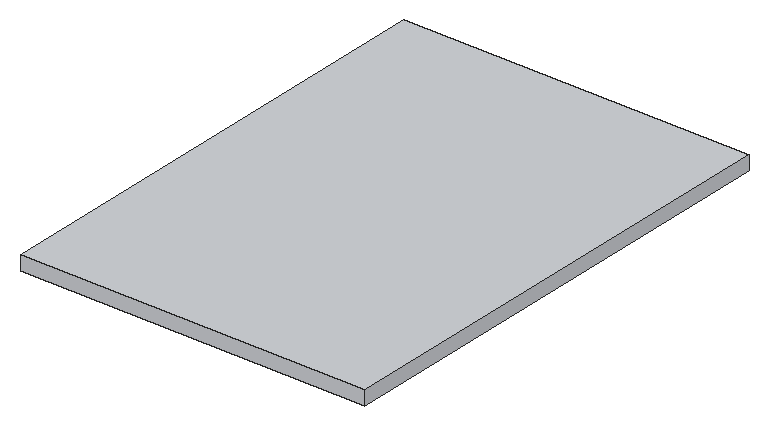
Revit family "MLR3-M1", category Lighting Fixtures, host Face, Revit 2019
Family settings
  Host = Face
  Round Connector Dimension = Use Diameter
  Part Type = Normal
  OmniClass Number = 23.80.70.11
  OmniClass Title = Luminaries for Internal Lighting
  Cut with Voids When Loaded = No
  Light Source = Yes
  Shared = No
  Room Calculation Point = No
Parameters
  Final Hanging Points [instance] = if(Fixture Length > 12' 0", 3, No of Hanging Points)  # 2
  No of Hanging Points = 2
  Emit from Rectangle Width = 2' - 0"
  Emit from Rectangle Length = 4' - 0"
  Emit Shape Visible in Rendering = no
  Default Elevation [instance] = 4' - 0"
  Cable Suspension = 0' - 0"
  Wattage Comments = ""
  Wattage = 7.40531 W
  built-in parameter 1150110 = 1 (stored number, unit not read)
  Voltage Comment = "120/277 UNV Volt"
  Voltage [instance] = 120 V
  URL = "https://mercltg.com/product/mlr3-m/"
  built-in parameter 1114217 = 1 (stored number, unit not read)
  Tilt Angle = 90.00°
  built-in parameter 1150109 = 1 (stored number, unit not read)
  built-in parameter 1150134 = (empty or 0)
  built-in parameter 1150113 = 1 (stored number, unit not read)
  No of Poles [instance] = 1
  Model = "MLR3-M1"
  Manufacturer = "Mercury Lighting"
  Load Classifcation = Lighting
  Load [instance] = 0 W
  Photometric Web File = "mer12182822.28-MLR3-M-48-770-35K-ASO-A401-U.ies"
  Lumens = 1100 lm
  built-in parameter 1150115 = 1 (stored number, unit not read)
  built-in parameter 1150105 = 87.535 (stored number, unit not read)
  built-in parameter 1150137 = (empty or 0)
  built-in parameter 1150139 = (empty or 0)
  Lens = Acrylic
  built-in parameter 1150112 = 1 (stored number, unit not read)
  built-in parameter 1150114 = 1 (stored number, unit not read)
  Lamp = "LED"
  built-in parameter 1150132 = 2
  built-in parameter 1150102 = (empty or 0)
  built-in parameter 1150138 = (empty or 0)
  built-in parameter 1150107 = 3000 (stored number, unit not read)
  built-in parameter 1150106 = 0.87535 (stored number, unit not read)
  Housing = Metal, Paint Finish, White, Matte
  Fixture Length [instance] = 4' - 0"
  Fixture width = 0' - 3"
  built-in parameter 1150104 = 13.8 (stored number, unit not read)
  Dimming Lamp Color Temperature Shift = (empty or 0)
  Color Filter = 16777215
  built-in parameter 1114218 = 1 (stored number, unit not read)
  built-in parameter 1150133 = 10 (stored number, unit not read)
  Apparent Load = 0 VA
Reference planes (in)
  plane 1 "Light Source Axis (F/B)": y = 0
  plane 2 "Ceiling": z = 0
  plane 3 "Light Source Axis (L/R)": x = 0
  plane 4 "Light Source Elevation": z = -2.5
  plane 5: x = 24
  plane 6: x = -24
  plane 7: x = 23.9375
  plane 8: x = -23.9375
  plane 9: z = 0
  plane 10: x = -23.5
  plane 11: x = 23.5
  plane 12: z = 0
  plane 13: x = -122.44502
Forms (in)
  Extrusion 1, solid, material "Metal, Paint Finish, White, Matte" <- "Housing"
    sketch origin (0, 0, -17.25) x (0, 1, 0) y (0, 0, 1)
      loop
        line (1.5, 17.25) -> (-1.5, 17.25) -> (-1.5, 13.75) -> (-1.5, 13) -> (-1.4375, 13) -> (-1.4375, 13.75) -> (1.4375, 13.75) -> (1.4375, 13) -> (1.5, 13) -> (1.5, 13.75) -> (1.5, 17.25)
    from -24 to 24
  Extrusion 2, void
    sketch origin (0, 0, 0) x (0, 1, 0) y (0, 0, 1)
      loop
        line (1.4375, -3.5) -> (1.4375, -2.5) -> (-1.4375, -2.5) -> (-1.4375, -3.5) -> (1.4375, -3.5)
    from -23.9375 to 23.9375
  Extrusion 3, solid, material "Acrylic" <- "Lens"
    sketch origin (0, 0, 0) x (0, 1, 0) y (0, 0, 1)
      loop
        line (1.4375, -3.5) -> (1.4375, -3.375) -> (-1.4375, -3.375) -> (-1.4375, -3.5) -> (1.4375, -3.5)
    from -23.9375 to 23.9375
  Extrusion 4, solid
    sketch origin (0, 0, 0) x (1, 0, 0) y (0, 1, 0)
      loop
        line (-148, -206) -> (148, -206) -> (148, 206) -> (-148, 206) -> (-148, -206)
    from 0 to 12
  Extrusion 5, solid, material "Metal, Paint Finish, White, Matte" <- "Housing"
    sketch origin (0, 0, 0) x (0, 1, 0) y (0, 0, 1)
      loop
        line (-1.5, 0) -> (-1.5, -4.25) -> (1.5, -4.25) -> (1.5, 0) -> (-1.5, 0)
    from 24 to 24.0625
  Extrusion 6, solid, material "Metal, Paint Finish, White, Matte" <- "Housing"
    sketch origin (0, 0, 0) x (0, 1, 0) y (0, 0, 1)
      loop
        line (1.5, 0) -> (-1.5, 0) -> (-1.5, -4.25) -> (1.5, -4.25) -> (1.5, 0)
    from -24.0625 to -24
Cuts and joins
  Extrusion 2 cuts Extrusion 1
Dimensions and locks (in)
  equal spacing: Extrusion 1 sketch curve, imposter light, Extrusion 1 sketch curve
  "Fixture width": Extrusion 1 sketch curve to Extrusion 1 sketch curve
  locked: Extrusion 1 sketch curve to Extrusion 1 sketch curve at 3.5
  equal spacing: plane 5, plane 3 "Light Source Axis (L/R)", plane 6
  "Fixture Length": plane 5 to plane 6
  locked: plane 8 to plane 6 at 0.0625
  locked: plane 7 to plane 5 at 0.0625
  locked: cut or joined group of Extrusion 1, Extrusion 2 to Extrusion 2 sketch curve at 0.0625  (x2)
  locked: Extrusion 2 sketch curve to Extrusion 2 sketch curve at 1
  locked: Extrusion 3 sketch curve to Extrusion 3 sketch curve at 0.125
  "Cable Suspension": plane 2 "Ceiling" to plane 9
  plane 9 to plane 4 "Light Source Elevation" to Extrusion 3 = 0' - 2 1/2" locked, 0' - 0 7/8" locked
  locked: plane 10 to plane 6 at 0.5
  locked: plane 5 to plane 11 at 0.5
  locked: Extrusion 1 sketch curve to Extrusion 1 sketch curve at 0.75
  locked: Extrusion 6 to plane 6 at 0.0625
  locked: Extrusion 5 to Extrusion 5 at 0.0625
  aligned and locked: plane 3 "Light Source Axis (L/R)" to imposter light
  aligned and locked: plane 1 "Light Source Axis (F/B)" to imposter light
  aligned and locked: plane 4 "Light Source Elevation" to imposter light
  aligned and locked: plane 5 to Extrusion 1
  aligned and locked: Extrusion 1 to plane 6
  aligned and locked: plane 7 to Extrusion 2
  aligned and locked: Extrusion 2 to plane 8
  aligned and locked: plane 7 to Extrusion 3
  aligned and locked: Extrusion 3 to plane 8
  aligned and locked: cut or joined group of Extrusion 1, Extrusion 2 to Extrusion 2 sketch curve
  aligned and locked: cut or joined group of Extrusion 1, Extrusion 2 to Extrusion 3 sketch curve
  aligned and locked: imposter light to cut or joined group of Extrusion 1, Extrusion 2
  aligned and locked: Extrusion 3 sketch curve to cut or joined group of Extrusion 1, Extrusion 2  (x2)
  aligned and locked: Extrusion 1 sketch curve to Extrusion 1 sketch curve
  aligned and locked: Extrusion 5 sketch curve to cut or joined group of Extrusion 1, Extrusion 2  (x4)
  aligned and locked: Extrusion 5 to plane 5
  aligned and locked: Extrusion 6 sketch curve to plane 9
  aligned and locked: Extrusion 6 sketch curve to Extrusion 5  (x3)
  aligned and locked: plane 6 to Extrusion 6
Automatic sketch dimensions
  Extrusion 4 sketch curve to Extrusion 4 sketch curve = 24' - 8"
  Extrusion 4 sketch curve to Extrusion 4 sketch curve = 34' - 4"
  Extrusion 1 sketch curve to plane 2 "Ceiling" = 0' - 0"
  Extrusion 1 sketch curve to Extrusion 1 sketch curve = 0' - 0 1/16"  (x2)
  Extrusion 1 sketch curve to Extrusion 1 sketch curve = 0' - 0"  (x2)
Connectors (in)
  electrical at (0, 0, 0), driven by "Load Classifcation", driven by "Voltage", driven by "Load"
    settings: on cut or joined group of Extrusion 1, Extrusion 2, index 1, voltage 120 V, apparent load 0 VA, apparent load phase1 0 VA, apparent load phase2 0 VA, apparent load phase3 0 VA, power factor 1, load classification "Lighting", number of poles 1, system type 31, power factor state 1, is connector primary yes, connector utility no, sub classification motor no, connector description ""
